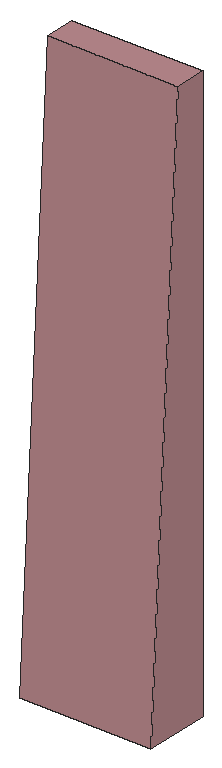
Revit family "STC_A3-Buttress", category Columns, Revit 2016
Family settings
  Cut with Voids When Loaded = No
  Automatically joins geometry to walls = Yes
  Shared = No
  Show family pre-cut in plan views = Yes
Parameters (values of type "Buttress")
  Material Buttress = Masonry Brick
  Keynote = "F10"
  Depth at Top [instance] = 215 mm
  Depth at Base [instance] = 450 mm
  Width [instance] = 900 mm
Reference planes
  plane 1 "Center (Front/Back)": y = 0
  plane 2: z = 0
  plane 3 "Center (Left/Right)": x = 0
  plane 4 "Left": x = -450
  plane 5 "Right": x = 450
  plane 6 "Back": y = 225
  plane 7 "Front": y = -225
  plane 8: y = 10
Forms (mm)
  Blend 1, solid, material "Masonry Brick" <- "Material Buttress"
    base sketch origin (0, 0, 0) x (1, 0, 0) y (0, 1, 0)
      loop
        line (-450, -225) -> (450, -225) -> (450, 225) -> (-450, 225) -> (-450, -225)
    top sketch origin (0, 0, 0) x (1, 0, 0) y (0, 1, 0)
      loop
        line (450, 10) -> (450, 225) -> (-450, 225) -> (-450, 10) -> (450, 10)
    from 0 to 4000
Dimensions and locks
  equal spacing: plane 4 "Left", plane 3 "Center (Left/Right)", plane 5 "Right"
  equal spacing: plane 7 "Front", plane 1 "Center (Front/Back)", plane 6 "Back"
  "Width": plane 4 "Left" to plane 5 "Right"
  "Depth at Base": plane 7 "Front" to plane 6 "Back"
  "Depth at Top": plane 8 to plane 6 "Back"
  aligned and locked: level to Blend 1
  aligned and locked: Blend 1 to level
Automatic sketch dimensions
  Blend 1 sketch curve to plane 4 "Left" = 0 mm  (x2)
  Blend 1 sketch curve to plane 5 "Right" = 0 mm  (x2)
  Blend 1 sketch curve to plane 7 "Front" = 0 mm
  Blend 1 sketch curve to plane 6 "Back" = 0 mm  (x2)
  Blend 1 sketch curve to plane 8 = 0 mm
